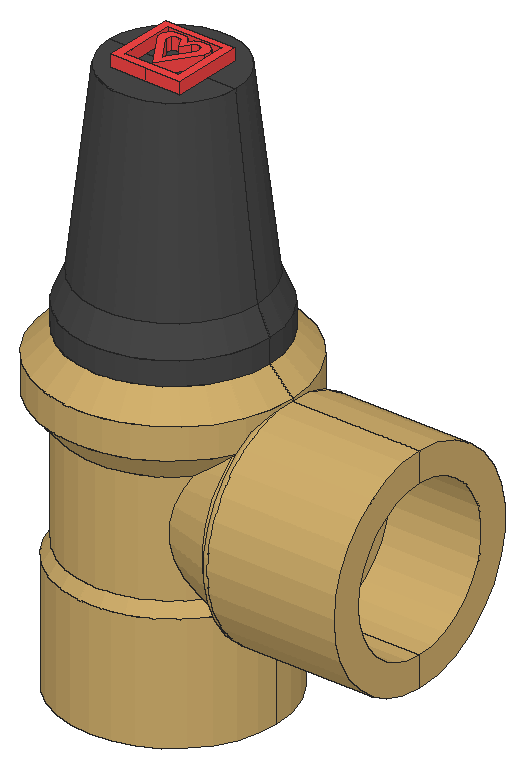
Revit family "Sicherheitsventil 26xx", category Rohrzubehör, Revit 2020
Family settings
  Bemaßung runder Anschluss = Durchmesser verwenden
  Teiletyp = Normal
  OmniClass-Nummer = 23.65.55.14
  OmniClass-Titel = Valves for Liquid Services
  Arbeitsebenenbasiert = Nein
  Immer vertikal = Ja
  Beim Laden mit Abzugskörper schneiden = Nein
  Gemeinsam genutzt = Nein
Parameters (values of type "PN8")
  min.Betriebstemp. = 0 °C  # constant formula
  max.Betriebstemp. = 110 °C  # constant formula
  interne Gewindeanschlüsse = "nach ISO 228-1"  # constant formula
  WS01 = 70.00°  # constant formula
  Vorgabe-Ansicht = 0.0000 mm
  URL = "www.herz-armaturen.at"
  Typenschild = "Kunststoff PA6"  # constant formula
  SCRNSEQ = "AWI;AWI_TYP=\"1015\";2"
  SCRNCODE = "05;21;02"  # constant formula
  S03 = 10.5000 mm  # constant formula
  S02 [instance] = H02 + H05  # 47.5000 mm
  S01 = 8.0000 mm  # constant formula
  R11 = 1.0000 mm  # constant formula
  R10 [instance] = (Nennweite Aus / 2) + 3.8000 mm  # 13.8000 mm
  R09 [instance] = Nennweite Aus / 2  # 10.0000 mm
  R08 [instance] = (Nennweite / 2) + 3.5000 mm  # 11.0000 mm
  R07 [instance] = R08 - 2.8000 mm  # 8.2000 mm
  R06 [instance] = Nennweite / 2  # 7.5000 mm
  R05 [instance] = Nennweite / 2  # 7.5000 mm
  R04 [instance] = if(PN1.8, size_lookup("26XX_PN1.8", "SW", 40.0000 mm, Nennweite), if(PN2.5, size_lookup("26XX_PN2.5", "SW", 40.0000 mm, Nennweite), if(PN3, size_lookup("26XX_PN3", "SW", 40.0000 mm, Nennweite), if(PN4, size_lookup("26XX_PN4", "SW", 40.0000 mm, Nennweite), if(PN5, size_lookup("26XX_PN5", "SW", 40.0000 mm, Nennweite), if(PN6, size_lookup("26XX_PN6", "SW", 40.0000 mm, Nennweite), if(PN8, size_lookup("26XX_PN8", "SW", 40.0000 mm, Nennweite), size_lookup("26XX_PN10", "SW", 269501.0000 mm, Nennweite))))))))  # 13.5000 mm
  R03 [instance] = (Nennweite / 2) + 5.0000 mm  # 12.5000 mm
  R02 [instance] = R04 + 2.0000 mm  # 15.5000 mm
  PN8 = yes
  PN6 = no
  PN5 = no
  PN4 = no
  PN3 = no
  PN2.5 = no
  PN10 = no
  PN1.8 = no
  Nennweite Aus [instance] = if(PN1.8, size_lookup("26XX_PN1.8", "DN1", 40.0000 mm, Nennweite), if(PN2.5, size_lookup("26XX_PN2.5", "DN1", 40.0000 mm, Nennweite), if(PN3, size_lookup("26XX_PN3", "DN1", 40.0000 mm, Nennweite), if(PN4, size_lookup("26XX_PN4", "DN1", 40.0000 mm, Nennweite), if(PN5, size_lookup("26XX_PN5", "DN1", 40.0000 mm, Nennweite), if(PN6, size_lookup("26XX_PN6", "DN1", 40.0000 mm, Nennweite), if(PN8, size_lookup("26XX_PN8", "DN1", 40.0000 mm, Nennweite), size_lookup("26XX_PN10", "DN1", 269501.0000 mm, Nennweite))))))))  # 20.0000 mm
  Nennweite [instance] = 15.0000 mm
  Membran = "VMQ-Silicom 50 Sha"  # constant formula
  L02 [instance] = if(PN1.8, size_lookup("26XX_PN1.8", "L2", 17.5000 mm, Nennweite), if(PN2.5, size_lookup("26XX_PN2.5", "L2", 17.5000 mm, Nennweite), if(PN3, size_lookup("26XX_PN3", "L2", 17.5000 mm, Nennweite), if(PN4, size_lookup("26XX_PN4", "L2", 17.5000 mm, Nennweite), if(PN5, size_lookup("26XX_PN5", "L2", 17.5000 mm, Nennweite), if(PN6, size_lookup("26XX_PN6", "L2", 17.5000 mm, Nennweite), if(PN8, size_lookup("26XX_PN8", "L2", 17.5000 mm, Nennweite), size_lookup("26XX_PN10", "L2", 269501.0000 mm, Nennweite))))))))  # 17.5000 mm
  L01 [instance] = if(PN1.8, size_lookup("26XX_PN1.8", "L1", 12.0000 mm, Nennweite), if(PN2.5, size_lookup("26XX_PN2.5", "L1", 12.0000 mm, Nennweite), if(PN3, size_lookup("26XX_PN3", "L1", 12.0000 mm, Nennweite), if(PN4, size_lookup("26XX_PN4", "L1", 12.0000 mm, Nennweite), if(PN5, size_lookup("26XX_PN5", "L1", 12.0000 mm, Nennweite), if(PN6, size_lookup("26XX_PN6", "L1", 12.0000 mm, Nennweite), if(PN8, size_lookup("26XX_PN8", "L1", 12.0000 mm, Nennweite), size_lookup("26XX_PN10", "L1", 269501.0000 mm, Nennweite))))))))  # 12.0000 mm
  L00 [instance] = if(PN1.8, size_lookup("26XX_PN1.8", "L", 52.0000 mm, Nennweite), if(PN2.5, size_lookup("26XX_PN2.5", "L", 52.0000 mm, Nennweite), if(PN3, size_lookup("26XX_PN3", "L", 52.0000 mm, Nennweite), if(PN4, size_lookup("26XX_PN4", "L", 52.0000 mm, Nennweite), if(PN5, size_lookup("26XX_PN5", "L", 52.0000 mm, Nennweite), if(PN6, size_lookup("26XX_PN6", "L", 52.0000 mm, Nennweite), if(PN8, size_lookup("26XX_PN8", "L", 52.0000 mm, Nennweite), size_lookup("26XX_PN10", "L", 269501.0000 mm, Nennweite))))))))  # 32.0000 mm
  Kappe = "Kunststoff PA6"  # constant formula
  H08 [instance] = if(PN1.8, size_lookup("26XX_PN1.8", "H8", 21.0000 mm, Nennweite), if(PN2.5, size_lookup("26XX_PN2.5", "H8", 21.0000 mm, Nennweite), if(PN3, size_lookup("26XX_PN3", "H8", 21.0000 mm, Nennweite), if(PN4, size_lookup("26XX_PN4", "H8", 21.0000 mm, Nennweite), if(PN5, size_lookup("26XX_PN5", "H8", 21.0000 mm, Nennweite), if(PN6, size_lookup("26XX_PN6", "H8", 21.0000 mm, Nennweite), if(PN8, size_lookup("26XX_PN8", "H8", 21.0000 mm, Nennweite), size_lookup("26XX_PN10", "H8", 269501.0000 mm, Nennweite))))))))  # 6.5000 mm
  H07 [instance] = if(PN1.8, size_lookup("26XX_PN1.8", "H7", 3.0000 mm, Nennweite), if(PN2.5, size_lookup("26XX_PN2.5", "H7", 3.0000 mm, Nennweite), if(PN3, size_lookup("26XX_PN3", "H7", 3.0000 mm, Nennweite), if(PN4, size_lookup("26XX_PN4", "H7", 3.0000 mm, Nennweite), if(PN5, size_lookup("26XX_PN5", "H7", 3.0000 mm, Nennweite), if(PN6, size_lookup("26XX_PN6", "H7", 3.0000 mm, Nennweite), if(PN8, size_lookup("26XX_PN8", "H7", 3.0000 mm, Nennweite), size_lookup("26XX_PN10", "H7", 269501.0000 mm, Nennweite))))))))  # 3.0000 mm
  H06 [instance] = if(PN1.8, size_lookup("26XX_PN1.8", "H6", 15.0000 mm, Nennweite), if(PN2.5, size_lookup("26XX_PN2.5", "H6", 15.0000 mm, Nennweite), if(PN3, size_lookup("26XX_PN3", "H6", 15.0000 mm, Nennweite), if(PN4, size_lookup("26XX_PN4", "H6", 15.0000 mm, Nennweite), if(PN5, size_lookup("26XX_PN5", "H6", 15.0000 mm, Nennweite), if(PN6, size_lookup("26XX_PN6", "H6", 15.0000 mm, Nennweite), if(PN8, size_lookup("26XX_PN8", "H6", 15.0000 mm, Nennweite), size_lookup("26XX_PN10", "H6", 269501.0000 mm, Nennweite))))))))  # 15.0000 mm
  H05 [instance] = if(PN1.8, size_lookup("26XX_PN1.8", "H5", 30.0000 mm, Nennweite), if(PN2.5, size_lookup("26XX_PN2.5", "H5", 30.0000 mm, Nennweite), if(PN3, size_lookup("26XX_PN3", "H5", 30.0000 mm, Nennweite), if(PN4, size_lookup("26XX_PN4", "H5", 30.0000 mm, Nennweite), if(PN5, size_lookup("26XX_PN5", "H5", 30.0000 mm, Nennweite), if(PN6, size_lookup("26XX_PN6", "H5", 30.0000 mm, Nennweite), if(PN8, size_lookup("26XX_PN8", "H5", 30.0000 mm, Nennweite), size_lookup("26XX_PN10", "H5", 269501.0000 mm, Nennweite))))))))  # 30.5000 mm
  H04 [instance] = if(PN1.8, size_lookup("26XX_PN1.8", "H4", 12.0000 mm, Nennweite), if(PN2.5, size_lookup("26XX_PN2.5", "H4", 12.0000 mm, Nennweite), if(PN3, size_lookup("26XX_PN3", "H4", 12.0000 mm, Nennweite), if(PN4, size_lookup("26XX_PN4", "H4", 12.0000 mm, Nennweite), if(PN5, size_lookup("26XX_PN5", "H4", 12.0000 mm, Nennweite), if(PN6, size_lookup("26XX_PN6", "H4", 12.0000 mm, Nennweite), if(PN8, size_lookup("26XX_PN8", "H4", 12.0000 mm, Nennweite), size_lookup("26XX_PN10", "H4", 269501.0000 mm, Nennweite))))))))  # 12.0000 mm
  H00 [instance] = if(PN1.8, size_lookup("26XX_PN1.8", "H", 72.0000 mm, Nennweite), if(PN2.5, size_lookup("26XX_PN2.5", "H", 72.0000 mm, Nennweite), if(PN3, size_lookup("26XX_PN3", "H", 72.0000 mm, Nennweite), if(PN4, size_lookup("26XX_PN4", "H", 72.0000 mm, Nennweite), if(PN5, size_lookup("26XX_PN5", "H", 72.0000 mm, Nennweite), if(PN6, size_lookup("26XX_PN6", "H", 72.0000 mm, Nennweite), if(PN8, size_lookup("26XX_PN8", "H", 72.0000 mm, Nennweite), size_lookup("26XX_PN10", "H", 269501.0000 mm, Nennweite))))))))  # 72.0000 mm
  H03 [instance] = if(PN1.8, size_lookup("26XX_PN1.8", "H3", 4.0000 mm, Nennweite), if(PN2.5, size_lookup("26XX_PN2.5", "H3", 4.0000 mm, Nennweite), if(PN3, size_lookup("26XX_PN3", "H3", 4.0000 mm, Nennweite), if(PN4, size_lookup("26XX_PN4", "H3", 4.0000 mm, Nennweite), if(PN5, size_lookup("26XX_PN5", "H3", 4.0000 mm, Nennweite), if(PN6, size_lookup("26XX_PN6", "H3", 4.0000 mm, Nennweite), if(PN8, size_lookup("26XX_PN8", "H3", 4.0000 mm, Nennweite), size_lookup("26XX_PN10", "H3", 269501.0000 mm, Nennweite))))))))  # 4.0000 mm
  H02 [instance] = H00 - (H01 + H05)  # 17.0000 mm
  H01 [instance] = if(PN1.8, size_lookup("26XX_PN1.8", "H1", 30.0000 mm, Nennweite), if(PN2.5, size_lookup("26XX_PN2.5", "H1", 30.0000 mm, Nennweite), if(PN3, size_lookup("26XX_PN3", "H1", 30.0000 mm, Nennweite), if(PN4, size_lookup("26XX_PN4", "H1", 30.0000 mm, Nennweite), if(PN5, size_lookup("26XX_PN5", "H1", 30.0000 mm, Nennweite), if(PN6, size_lookup("26XX_PN6", "H1", 30.0000 mm, Nennweite), if(PN8, size_lookup("26XX_PN8", "H1", 30.0000 mm, Nennweite), size_lookup("26XX_PN10", "H1", 269501.0000 mm, Nennweite))))))))  # 24.5000 mm
  Hersteller = "Herz-Armaturen GmbH"  # constant formula
  Gewicht [instance] = if(PN1.8, size_lookup("26XX_PN1.8", "Gewicht", 0.19, Nennweite), if(PN2.5, size_lookup("26XX_PN2.5", "Gewicht", 0.19, Nennweite), if(PN3, size_lookup("26XX_PN3", "Gewicht", 0.19, Nennweite), if(PN4, size_lookup("26XX_PN4", "Gewicht", 0.19, Nennweite), if(PN5, size_lookup("26XX_PN5", "Gewicht", 0.19, Nennweite), if(PN6, size_lookup("26XX_PN6", "Gewicht", 0.19, Nennweite), if(PN8, size_lookup("26XX_PN8", "Gewicht", 0.19, Nennweite), size_lookup("26XX_PN10", "Gewicht", 269501, Nennweite))))))))  # 0.118
  Gehäuse = "geschmiedetes Messing nach EN 12165, CW 617N"  # constant formula
  Feder = "Federstahl W.Nr. 1.4310"  # constant formula
  DN32 [instance] = Nennweite = 32.0000 mm  # no
  DN25 [instance] = Nennweite = 25.0000 mm  # no
  DN20 [instance] = Nennweite = 20.0000 mm  # no
  DN15 [instance] = Nennweite = 15.0000 mm  # yes
  Bestellnummer [instance] = if(PN1.8, size_lookup("26XX_PN1.8", "Artnr", 0, Nennweite), if(PN2.5, size_lookup("26XX_PN2.5", "Artnr", 0, Nennweite), if(PN3, size_lookup("26XX_PN3", "Artnr", 0, Nennweite), if(PN4, size_lookup("26XX_PN4", "Artnr", 0, Nennweite), if(PN5, size_lookup("26XX_PN5", "Artnr", 0, Nennweite), if(PN6, size_lookup("26XX_PN6", "Artnr", 0, Nennweite), if(PN8, size_lookup("26XX_PN8", "Artnr", 0, Nennweite), size_lookup("26XX_PN10", "Artnr", 0, Nennweite))))))))  # 1268501
  Anwendungen = "HERZ Sicherheitsventil wird als Schutzelement an Zentralheizungskesseln und in geschlossenen Heizungsanlagen eingesetzt. Es schützt den Kessel und die Installation vor erhöhtem Druck. Der Öffnungsdruck ist gleich dem Nenndruck."
Types (9, lengths in mm): name | S02 | R10 | R09 | R08 | R07 | R06 | R05 | R04 | R03 | R02 | PN8 | PN6 | PN5 | PN4 | PN3 | PN2.5 | PN10 | PN1.8 | Nennweite Aus | Nennweite | L00 | H08 | H05 | H00 | H02 | H01 | Gewicht | DN32 | DN25 | DN20 | DN15 | Bestellnummer | Anwendungen
  (no name) | 47.5000 | 13.8000 | 10.0000 | 11.0000 | 8.2000 | 7.5000 | 7.5000 | 13.5000 | 12.5000 | 15.5000 | yes | no | no | no | no | no | no | no | 20.0000 | 15.0000 | 32.0000 | 6.5000 | 30.5000 | 72.0000 | 17.0000 | 24.5000 | 0.118 | no | no | no | yes | 1268501 | "HERZ Sicherheitsventil wird als Schutzelement an Zentralheizungskesseln und in geschlossenen Heizungsanlagen eingesetzt. Es schützt den Kessel und die Installation vor erhöhtem Druck. Der Öffnungsdruck ist gleich dem Nenndruck."
  PN1.8 | 44.7500 | 16.3000 | 12.5000 | 13.5000 | 10.7000 | 10.0000 | 10.0000 | 16.0000 | 15.0000 | 18.0000 | no | no | no | no | no | no | no | yes | 25.0000 | 20.0000 | 35.0000 | 9.7500 | 25.0000 | 72.0000 | 19.7500 | 27.2500 | 0.19 | no | no | yes | no | 1261802 | "HERZ Druckentlastungsventil wird als Schutzelement an Zentralheizungskesseln und in geschlossenen Heizungsanlagen eingesetzt. Es schützt den Kessel und die Installation vor erhöhtem Druck. Der Öffnungsdruck ist gleich dem Nenndruck."
  PN2.5 | 47.5000 | 13.8000 | 10.0000 | 11.0000 | 8.2000 | 7.5000 | 7.5000 | 13.5000 | 12.5000 | 15.5000 | no | no | no | no | no | yes | no | no | 20.0000 | 15.0000 | 32.0000 | 6.5000 | 30.5000 | 72.0000 | 17.0000 | 24.5000 | 0.118 | no | no | no | yes | 1261101 | "HERZ Druckentlastungsventil wird als Schutzelement an Zentralheizungskesseln und in geschlossenen Heizungsanlagen eingesetzt. Es schützt den Kessel und die Installation vor erhöhtem Druck. Der Öffnungsdruck ist gleich dem Nenndruck."
  PN3 | 64.2500 | 23.8000 | 20.0000 | 19.5000 | 16.7000 | 16.0000 | 16.0000 | 25.0000 | 21.0000 | 27.0000 | no | no | no | no | yes | no | no | no | 40.0000 | 32.0000 | 52.0000 | 21.5000 | 32.7500 | 97.0000 | 31.5000 | 32.7500 | 0.728 | yes | no | no | no | 1261004 | "HERZ Druckentlastungsventil wird als Schutzelement an Zentralheizungskesseln und in geschlossenen Heizungsanlagen eingesetzt. Es schützt den Kessel und die Installation vor erhöhtem Druck. Der Öffnungsdruck ist gleich dem Nenndruck."
  PN4 | 47.5000 | 13.8000 | 10.0000 | 11.0000 | 8.2000 | 7.5000 | 7.5000 | 13.5000 | 12.5000 | 15.5000 | no | no | no | yes | no | no | no | no | 20.0000 | 15.0000 | 32.0000 | 6.5000 | 30.5000 | 72.0000 | 17.0000 | 24.5000 | 0.118 | no | no | no | yes | 1261501 | "HERZ Druckentlastungsventil wird als Schutzelement an Zentralheizungskesseln und in geschlossenen Heizungsanlagen eingesetzt. Es schützt den Kessel und die Installation vor erhöhtem Druck. Der Öffnungsdruck ist gleich dem Nenndruck."
  PN5 | 67.0000 | 19.8000 | 16.0000 | 16.0000 | 13.2000 | 12.5000 | 12.5000 | 20.5000 | 17.5000 | 22.5000 | no | no | yes | no | no | no | no | no | 32.0000 | 25.0000 | 50.0000 | 13.0000 | 44.0000 | 97.0000 | 23.0000 | 30.0000 | 0.54 | no | yes | no | no | 1265703 | "HERZ Druckentlastungsventil wird als Schutzelement an Zentralheizungskesseln und in geschlossenen Heizungsanlagen eingesetzt. Es schützt den Kessel und die Installation vor erhöhtem Druck. Der Öffnungsdruck ist gleich dem Nenndruck."
  PN6 | 47.5000 | 13.8000 | 10.0000 | 11.0000 | 8.2000 | 7.5000 | 7.5000 | 13.5000 | 12.5000 | 15.5000 | no | yes | no | no | no | no | no | no | 20.0000 | 15.0000 | 32.0000 | 6.5000 | 30.5000 | 72.0000 | 17.0000 | 24.5000 | 0.118 | no | no | no | yes | 1261301 | "HERZ Druckentlastungsventil wird als Schutzelement an Zentralheizungskesseln und in geschlossenen Heizungsanlagen eingesetzt. Es schützt den Kessel und die Installation vor erhöhtem Druck. Der Öffnungsdruck ist gleich dem Nenndruck."
  PN8 | 47.5000 | 13.8000 | 10.0000 | 11.0000 | 8.2000 | 7.5000 | 7.5000 | 13.5000 | 12.5000 | 15.5000 | yes | no | no | no | no | no | no | no | 20.0000 | 15.0000 | 32.0000 | 6.5000 | 30.5000 | 72.0000 | 17.0000 | 24.5000 | 0.118 | no | no | no | yes | 1268501 | "HERZ Sicherheitsventil wird als Schutzelement an Zentralheizungskesseln und in geschlossenen Heizungsanlagen eingesetzt. Es schützt den Kessel und die Installation vor erhöhtem Druck. Der Öffnungsdruck ist gleich dem Nenndruck."
  PN10 | 47.5000 | 13.8000 | 10.0000 | 11.0000 | 8.2000 | 7.5000 | 7.5000 | 13.5000 | 12.5000 | 15.5000 | no | no | no | no | no | no | yes | no | 20.0000 | 15.0000 | 32.0000 | 6.5000 | 30.5000 | 72.0000 | 17.0000 | 24.5000 | 0.118 | no | no | no | yes | 1269501 | "HERZ Druckentlastungsventil wird als Schutzelement an Zentralheizungskesseln und in geschlossenen Heizungsanlagen eingesetzt. Es schützt den Kessel und die Installation vor erhöhtem Druck. Der Öffnungsdruck ist gleich dem Nenndruck."
Reference planes
  plane 1 "Mitte (Vorne/hinten)": y = 0
  plane 2: z = 0
  plane 3 "Mitte (Links/rechts)": x = 0
Forms (mm)
  Revolve 1, solid, material "Kunststoff schwarz", detail levels fine
    sketch origin (0, 0, 0) x (1, 0, 0) y (0, 0, 1)
      loop
        line (0, 47.5) -> (-8.2, 47.5) -> (-11, 23.493) -> (-12.5, 20) -> (-12.5, 17) -> (0, 17) -> (0, 47.5)
      axis (0, 47.5) -> (0, 17)
    angle from 0 to 360
  Revolve 2, solid, material "Messing", detail levels fine
    sketch origin (0, 0, 0) x (1, 0, 0) y (0, 0, 1)
      loop
        line (-15.5, 14) -> (-15.5, 10) -> (-12.5, 6.5) -> (-12.5, -7.886) -> (-13.5, -9.5) -> (-13.5, -24.5) -> (-7.5, -24.5) -> (-7.5, -12.5) -> (0, -12.5) -> (0, 17) -> (-12.5, 17) -> (-15.5, 14)
      axis (0, 17) -> (0, -24.5)
    angle from 0 to 360
  Revolve 3, solid, material "Messing", detail levels fine
    sketch origin (18.5, 0, 0) x (1, 0, 0) y (0, 0, 1)
      loop
        line (13.5, 10) -> (13.5, 13.8) -> (-3.06, 13.8)
        arc (-3.06, 13.8) -> (-3.634, 13.619) -> (-4, 13.142) r 1
        arc (-4, 13.142) -> (-4.293, 12.435) -> (-5, 12.142) r 1
        line (-5, 12.142) -> (-18.5, 7.5) -> (-18.5, 0) -> (1.5, 0) -> (1.5, 10) -> (13.5, 10)
      axis (-18.5, 0) -> (13.5, 0)
    angle from 0 to 360
Lines and regions (mm)
  model lines, detail levels coarse+medium
    curve 1: line (0.003, 0, -0.007) -> (0.003, 0, 47.5)
    curve 2: line (0.003, 0, -0.007) -> (-13.5, 0, -24.5)
    curve 3: line (-13.5, 0, -24.5) -> (13.5, 0, -24.5)
    curve 4: line (13.5, 0, -24.5) -> (0.003, 0, -0.007)
    curve 5: line (0.003, 0, -0.007) -> (32, 0, -13.8)
    curve 6: line (32, 0, -13.8) -> (32, 0, 13.8)
    curve 7: line (32, 0, 13.8) -> (0.003, 0, -0.007)
    curve 8: line (-10.5, 0, 48.643) -> (10.5, 0, 41)
    curve 9: line (-10.5, 0, 40.643) -> (10.5, 0, 33)
    curve 10: line (-10.5, 0, 32.643) -> (10.5, 0, 25)
    curve 11: line (-10.5, 0, 24.643) -> (10.5, 0, 17)
    curve 12: line (0, 0, 0) -> (32, 13.8, 0)
    curve 13: line (32, 13.8, 0) -> (32, -13.8, 0)
    curve 14: line (32, -13.8, 0) -> (0, 0, 0)
    curve 15: line (0, 0, 0) -> (-13.5, -24.5, 0)
    curve 16: line (-13.5, -24.5, 0) -> (13.5, -24.5, 0)
    curve 17: line (13.5, -24.5, 0) -> (0, 0, 0)
    curve 18: line (0, 0, 0) -> (0, 47.5, 0)
    curve 19: line (-10.5, 48.643, 0) -> (10.5, 41, 0)
    curve 20: line (-10.5, 40.643, 0) -> (10.5, 33, 0)
    curve 21: line (-10.5, 32.643, 0) -> (10.5, 25, 0)
    curve 22: line (-10.5, 24.643, 0) -> (10.5, 17, 0)
Dimensions and locks
  "R03": Revolve 2 sketch curve to Revolve 2 sketch curve  (x2)
  "R02": Revolve 2 sketch curve to Revolve 2 sketch curve
  "R04": Revolve 2 sketch curve to Revolve 2 sketch curve
  "R05": Revolve 2 sketch curve to Revolve 2 sketch curve
  "H01": level to Revolve 2 sketch curve
  "H02": Revolve 2 sketch curve to level
  "R03": Revolve 1 sketch curve to Revolve 1 sketch curve
  "R07": Revolve 1 sketch curve to Revolve 1 sketch curve
  "R08": Revolve 1 sketch curve to Revolve 1 sketch curve
  "R06": Revolve 3 sketch curve to Revolve 3 sketch curve
  "R09": Revolve 3 sketch curve to Revolve 3 sketch curve
  "R10": Revolve 3 sketch curve to Revolve 3 sketch curve
  "L00": Revolve 3 sketch curve to Revolve 3 sketch curve
  "H05": Revolve 1 sketch curve to Revolve 1 sketch curve
  "L01": Revolve 3 sketch curve to Revolve 3 sketch curve
  "H04": Revolve 2 sketch curve to Revolve 2 sketch curve
  "L02": Revolve 3 sketch curve to Revolve 3 sketch curve
  "H06": Revolve 2 sketch curve to Revolve 2 sketch curve
  "H02": Revolve 1 sketch curve to plane 2
  "H00": Revolve 1 to Revolve 2
  "H07": Revolve 2 sketch curve to Revolve 2 sketch curve
  "H07": Revolve 1 sketch curve to Revolve 1 sketch curve
  "H08": Revolve 2 sketch curve to plane 2
  "S02": curve 1 to plane 2
  "H01": plane 2 to curve 3
  "R04": curve 4 to plane 3 "Mitte (Links/rechts)" to curve 3
  "L00": curve 6 to plane 3 "Mitte (Links/rechts)"
  "R10": curve 7 to plane 2 to curve 6
  "S03": curve 8 to plane 3 "Mitte (Links/rechts)" to curve 8
  "S01": curve 8 to curve 9
  "S01": curve 9 to curve 10
  "S01": curve 10 to curve 11
  "H02": curve 11 to plane 2
  "L00": plane 3 "Mitte (Links/rechts)" to curve 13
  "R10": curve 14 to plane 1 "Mitte (Vorne/hinten)" to curve 13
  "H01": curve 16 to plane 1 "Mitte (Vorne/hinten)"
  "R04": curve 16 to plane 3 "Mitte (Links/rechts)" to curve 17
  "S02": plane 1 "Mitte (Vorne/hinten)" to curve 18
  "S03": curve 19 to plane 3 "Mitte (Links/rechts)" to curve 19
  "S01": curve 19 to curve 20
  "S01": curve 20 to curve 21
  "S01": curve 21 to curve 22
  "H02": plane 1 "Mitte (Vorne/hinten)" to curve 22
  "S02": nested 1 to plane 2
  "R11": radius of Revolve 3 sketch curve  (x2)
  "WS01": angle plane 3 "Mitte (Links/rechts)" to curve 8
  "WS01": angle plane 3 "Mitte (Links/rechts)" to curve 9
  "WS01": angle plane 3 "Mitte (Links/rechts)" to curve 10
  "WS01": angle plane 3 "Mitte (Links/rechts)" to curve 11
  "WS01": angle plane 3 "Mitte (Links/rechts)" to curve 19
  "WS01": angle plane 3 "Mitte (Links/rechts)" to curve 20
  "WS01": angle plane 3 "Mitte (Links/rechts)" to curve 21
  "WS01": angle plane 3 "Mitte (Links/rechts)" to curve 22
  aligned and locked: level to plane 2
Automatic sketch dimensions
  plane 3 "Mitte (Links/rechts)" to curve 4 = 0.0034 mm
  curve 4 to level = 0.0072 mm
  curve 11 to plane 3 "Mitte (Links/rechts)" = 10.5000 mm
  curve 10 to curve 11 = 0.0000 mm
  curve 9 to curve 10 = 0.0000 mm
  plane 1 "Mitte (Vorne/hinten)" to curve 14 = 0.0000 mm
  curve 14 to plane 3 "Mitte (Links/rechts)" = 0.0000 mm
  curve 20 to curve 19 = 0.0000 mm
  curve 21 to curve 20 = 0.0000 mm
  curve 22 to curve 21 = 0.0000 mm
  Revolve 1 sketch curve to plane 3 "Mitte (Links/rechts)" = 0.0000 mm  (x2)
  Revolve 1 sketch curve to Revolve 1 sketch curve = 3.4935 mm
  Revolve 1 sketch curve to level = 366.0447 mm
  Revolve 1 sketch curve to Revolve 1 sketch curve = 0.0000 mm
  Revolve 2 sketch curve to plane 3 "Mitte (Links/rechts)" = 0.0000 mm  (x2)
  Revolve 2 sketch curve to Revolve 2 sketch curve = 1.6143 mm
  Revolve 2 sketch curve to Revolve 2 sketch curve = 4.0000 mm
  Revolve 2 sketch curve to Revolve 2 sketch curve = 336.0447 mm
  Revolve 2 sketch curve to Revolve 2 sketch curve = 2186.6924 mm
  Revolve 3 sketch curve to level = 0.0000 mm  (x2)
  Revolve 3 sketch curve to plane 3 "Mitte (Links/rechts)" = 0.0000 mm
  Revolve 3 sketch curve to Revolve 3 sketch curve = 0.9397 mm
  Revolve 3 sketch curve to Revolve 3 sketch curve = 1333.4903 mm
  Revolve 3 sketch curve to Revolve 3 sketch curve = 1867.4827 mm
Nested families
  nested 1: "Herz-Logo" at (0, 0, 47.5), type "Herz-Logo"
Connectors
  piping at (20, 0, 0), diameter 20, driven by "Nennweite Aus"
    settings: on Revolve 3, index 1, connector inside diameter 609.6 mm, connector length 0.0000 mm, flow factor 0, pipe flow 0.0 L/s, pressure drop 0.0 Pa, fitting loss kfactor 0, connector angle 0.00°, fixture units 0, engagement length 0.0000 mm, angle of deflection 0.00°, flow configuration 0, flow direction 2, fitting loss method 0, system type 29, joint type 0, gender type 0, connector reference index -1, connector utility 0, adjustable connector no, is connector primary yes, connector description ""
  piping at (0, 0, -12.5), diameter 15, driven by "Nennweite"
    settings: on Revolve 2, index 2, connector inside diameter 609.6 mm, connector length 0.0000 mm, flow factor 0, pipe flow 0.0 L/s, pressure drop 0.0 Pa, fitting loss kfactor 0, connector angle 0.00°, fixture units 0, engagement length 0.0000 mm, angle of deflection 0.00°, flow configuration 0, flow direction 1, fitting loss method 0, system type 29, joint type 0, gender type 0, connector reference index -1, connector utility 0, adjustable connector no, is connector primary no, connector description ""
Definition of nested family "Herz-Logo"
  Parameters (values of type "Herz-Logo")
    Default Elevation = 0.0000 mm
  Reference planes
    plane 1 "Mitte (Vorne/hinten)": y = 0
    plane 2: z = 0
    plane 3 "Mitte (Links/rechts)": x = 0
  Forms (mm)
    Extrusion 1, solid
      sketch origin (0, 0, 0) x (1, 0, 0) y (0, 1, 0)
        loop
          line (-0.018, -4.517) -> (4.482, -4.517) -> (4.482, 4.483) -> (-4.518, 4.483) -> (-4.518, -4.517) -> (-0.018, -4.517)
        loop
          line (-0.05, -3.48) -> (3.482, -3.48) -> (3.482, 3.483) -> (-3.518, 3.483) -> (-3.518, -3.48) -> (-0.05, -3.48)
        loop
          arc (-0.018, 2.383) -> (-1.543, 3.287) -> (-3.067, 2.383) r 1.738
          arc (-3.067, 2.383) -> (-3.191, 1.899) -> (-3.067, 1.415) r 1.009
          line (-3.067, 1.415) -> (-0.018, -3.281) -> (3.032, 1.415)
          arc (3.032, 1.415) -> (3.156, 1.899) -> (3.032, 2.383) r 1.009
          arc (3.032, 2.383) -> (1.507, 3.287) -> (-0.018, 2.383) r 1.738
        loop
          arc (1.885, 1.272) -> (2.005, 1.675) -> (1.885, 2.079) r 0.74
          arc (1.885, 2.079) -> (1.265, 2.416) -> (0.644, 2.079) r 0.74
          line (0.644, 2.079) -> (-0.018, 0.97) -> (-0.679, 2.079)
          arc (-0.679, 2.079) -> (-1.3, 2.416) -> (-1.921, 2.079) r 0.74
          arc (-1.921, 2.079) -> (-2.04, 1.675) -> (-1.921, 1.272) r 0.74
          line (-1.921, 1.272) -> (-0.018, -1.658) -> (1.885, 1.272)
      from 0 to 1.5
  Dimensions and locks
    aligned and locked: level to plane 2
